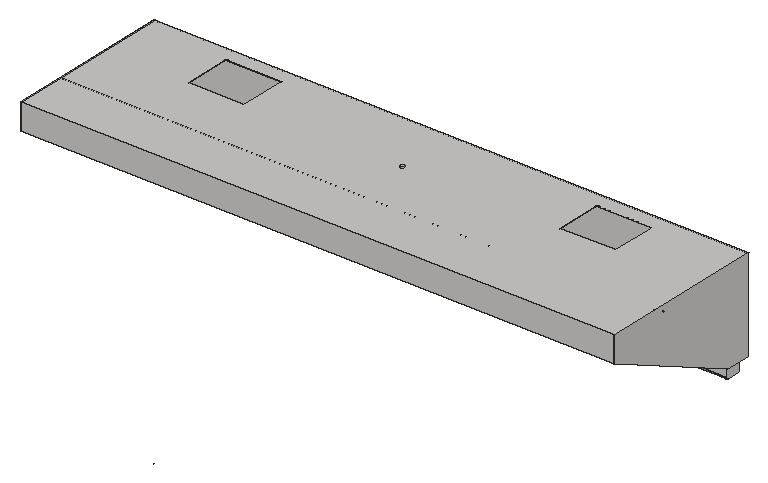
Revit family "QF_ELECTROLUXPROFESSIONAL_644209_AMPV932DT", category Attrezzature speciali, Revit 2021
Family settings
  Quota connettore circolare = Usa diametro
  Tipo di parte = Normale
  Basato su piano di lavoro = No
  Sempre verticale = Sì
  Taglio con vuoti quando caricato = No
  Condiviso = No
  Punto di calcolo locali = No
Parameters (values of type "Standard")
  Weight = 100.00 kg
  Watts = 840 W
  Volts = 220 V
  URL Manufacturer = "https://www.electroluxprofessional.com/"
  URL = "https://www.electroluxprofessional.com/"
  Steam Supply Size = 0 mm
  Steam Supply Minimum Pressure = 0.0 Pa
  Steam Supply Maximum Pressure = 0.0 Pa
  Steam Consumption per Hour = 0
  Refrigeration Suction Line Size = 0 mm
  Refrigeration Liquid Line Size = 0 mm
  Refrigerant Compressor Remote = yes
  Prospetto di default = 0 mm
  Produttore = "Electrolux Professional"
  Phase = 1
  Modello = "AMPV932DT"
  Length Actual = 3200 mm  # constant formula
  Item Number = "644209"
  Hot Water Size = 0 mm
  Height Actual = 500 mm  # constant formula
  HP = "1.1 HP"
  Gas Size = 0 mm
  Gas KW = 0
  Gas Input Pressure = 0 W
  Direct Waste Size = 0 mm
  Descrizione = "304 S/S WALL HOOD+FILTERS+FAN 3200X900MM"
  Depth Actual = 900 mm  # constant formula
  Cycle = 50 Hz
  Condensate Return Size = 0 mm
  Compressed Air Volume = 0.0 L/s
  Compressed Air Size = 0 mm
  Compressed Air Pressure = 0.0 Pa
  Cold Water Size = 0 mm
  Accessory = yes
Reference planes
  plane 1: z = 0
  plane 2 "Center (Left/Right)": x = 150
  plane 3 "LEFT": x = -1450
  plane 4 "RIGHT": x = 1750
  plane 5 "BACK": y = 550
  plane 6 "Plane": z = 2000
  plane 7 "TOP": z = 2140
  plane 8 "Base": z = 1640
  plane 9: z = 1566
  plane 10 "DrainY": y = 485
  plane 11: x = -1447
  plane 12: through (0, 414.509, 1640.8) normal (0, 0.7314, 0.682)
  plane 13: y = 470
  plane 14: y = 220
  plane 15 "DrainX": x = 1630
  plane 16: x = -700
  plane 17: x = 1000
  plane 18: x = -1000
  plane 19: x = 1300
  plane 20: x = 1747
  plane 21: x = 1540
  plane 22: x = 1720
  plane 23: x = -1410
  plane 24: x = -1045
  plane 25: x = -650
  plane 26: x = 1710
  plane 27: x = 1345
  plane 28: x = 950
  plane 29: y = -350
  plane 30 "Center (Front/Back)": y = 100
Forms (mm)
  Extrusion 1, solid, material "QF_Finishes_Stainless Steel"
    sketch origin (-1450, 0, 0) x (0, 1, 0) y (0, 0, 1)
      loop
        line (550, 1640) -> (550, 2140) -> (-350, 2140) -> (-350, 2000) -> (415.255, 1640) -> (550, 1640)
    from 0 to 3
  Extrusion 2, solid, material "QF_Finishes_Stainless Steel"
    sketch origin (150, 0, 0) x (0, 1, 0) y (0, 0, 1)
      loop
        line (415.255, 1640) -> (550, 1640) -> (550, 2139.19) -> (549.2, 2139.19) -> (549.2, 1640.8) -> (415.876, 1640.8) -> (339.347, 1722.867) -> (349.609, 1732.436) -> (348.927, 1733.167) -> (337.934, 1722.917) -> (415.255, 1640)
      loop
        line (-82.203, 2139.19) -> (-82.203, 2118.6) -> (-31.047, 2118.6) -> (34.354, 2048.466) -> (46.028, 2059.352) -> (45.346, 2060.083) -> (34.403, 2049.879) -> (-30.612, 2119.6) -> (-81.203, 2119.6) -> (-81.203, 2139.19) -> (-82.203, 2139.19)
    from -1597 to 1597
  Extrusion 3, solid, material "QF_Finishes_Stainless Steel"
    sketch origin (1750, 0, 0) x (0, 1, 0) y (0, 0, 1)
      loop
        line (550, 1640) -> (550, 2140) -> (-350, 2140) -> (-350, 2000) -> (415.255, 1640) -> (550, 1640)
    from 0 to -3
  Extrusion 4, solid, material "QF_Finishes_Stainless Steel"
    sketch origin (150, 0, 0) x (0, 1, 0) y (0, 0, 1)
      loop
        line (-350, 2140) -> (-350, 2000) -> (-349.2, 2000) -> (-349.2, 2139.19) -> (550, 2139.19) -> (550, 2140) -> (-350, 2140)
    from -1600 to 1600
  Extrusion 5, solid, material "QF_Finishes_Stainless Steel"
    sketch origin (150, 0, 0) x (0, 1, 0) y (0, 0, 1)
      loop
        line (534, 1640) -> (436, 1640) -> (436, 1627) -> (443.5, 1627) -> (443.5, 1576)
        arc (443.5, 1576) -> (446.429, 1568.929) -> (453.5, 1566) r 10
        line (453.5, 1566) -> (516.5, 1566)
        arc (516.5, 1566) -> (523.571, 1568.929) -> (526.5, 1576) r 10
        line (526.5, 1576) -> (526.5, 1627) -> (534, 1627) -> (534, 1640)
    from 1390 to 1570
  Extrusion 6, solid, material "QF_Finishes_Stainless Steel"
    sketch origin (0, 0, 1640) x (0, 1, 0) y (-1, 0, 0)
      loop
        circle (485, -1630) r 20
    from -76 to -74
  Extrusion 7, solid, material "QF_Finished_Chrome"
    sketch origin (150, 0, 0) x (0, 1, 0) y (0, 0, 1)
      loop
        line (337.934, 1722.917) -> (341.591, 1726.327) -> (38.011, 2051.876) -> (34.354, 2048.466) -> (337.934, 1722.917)
    from -1195 to -1560
  Extrusion 8, solid, material "QF_Finished_Chrome"
    sketch origin (150, 0, 0) x (0, 1, 0) y (0, 0, 1)
      loop
        line (337.934, 1722.917) -> (341.591, 1726.327) -> (38.011, 2051.876) -> (34.354, 2048.466) -> (337.934, 1722.917)
    from 800 to -800
  Extrusion 9, solid, material "QF_Finishes_Stainless Steel"
    sketch origin (150, 0, 0) x (0, 1, 0) y (0, 0, 1)
      loop
        line (337.934, 1722.917) -> (341.591, 1726.327) -> (38.011, 2051.876) -> (34.354, 2048.466) -> (337.934, 1722.917)
    from 1597 to 1560
  Extrusion 10, solid, material "QF_Finishes_Stainless Steel"
    sketch origin (150, 0, 0) x (0, 1, 0) y (0, 0, 1)
      loop
        line (341.588, 1726.324) -> (38.009, 2051.874) -> (34.354, 2048.466) -> (337.934, 1722.917) -> (341.588, 1726.324)
    from -1195 to -800
  Extrusion 11, solid, material "QF_Finished_Chrome"
    sketch origin (150, 0, 0) x (0, 1, 0) y (0, 0, 1)
      loop
        line (341.588, 1726.324) -> (38.009, 2051.874) -> (34.354, 2048.466) -> (337.934, 1722.917) -> (341.588, 1726.324)
    from 1195 to 1560
  Extrusion 12, void
    sketch origin (0, 0, 2140) x (0, 1, 0) y (-1, 0, 0)
      loop
        line (470, 1000) -> (220, 1000) -> (220, 700) -> (470, 700) -> (470, 1000)
    from 0 to -10
  Extrusion 13, void
    sketch origin (940, 0, 2140) x (0, 1, 0) y (-1, 0, 0)
      loop
        line (470, -60) -> (220, -60) -> (220, -360) -> (470, -360) -> (470, -60)
    from 0 to -10
  Extrusion 14, solid, material "QF_Finishes_Stainless Steel"
    sketch origin (0, 0, 0) x (1, 0, 0) y (0, 1, 0)
      loop
        line (-1450, 550) -> (-1450, 549) -> (-1449, 549) -> (-1449, 550) -> (-1450, 550)
    from 0 to 1
  Extrusion 15, solid, material "QF_Finishes_Stainless Steel"
    sketch origin (150, 0, 0) x (0, 1, 0) y (0, 0, 1)
      loop
        line (337.934, 1722.917) -> (341.591, 1726.327) -> (38.011, 2051.876) -> (34.354, 2048.466) -> (337.934, 1722.917)
    from -1560 to -1597
  Extrusion 16, solid, material "QF_Finishes_Stainless Steel"
    sketch origin (150, 0, 0) x (0, 1, 0) y (0, 0, -1)
      loop
        line (341.588, -1726.324) -> (337.934, -1722.917) -> (34.354, -2048.466) -> (38.009, -2051.874) -> (341.588, -1726.324)
    from -1195 to -800
  Extrusion 17, solid, material "QF_Finishes_Stainless Steel"
    sketch origin (0, 0, 2140) x (0, 1, 0) y (-1, 0, 0)
      loop
        circle (220, -150) r 10
    from 0 to 1.6
Cuts and joins
  Extrusion 12, Extrusion 13 cuts Extrusion 4
  joined: Extrusion 2, Extrusion 4
Lines and regions (mm)
  reference lines
    curve 1: line (150, 34.354, 2048.466) -> (150, 34.354, 1888.466)
  symbolic lines, style "SpecialityEquipment", detail levels coarse
    curve 2: line (1750, 550, 2140) -> (-1450, 550, 2140)
    curve 3: line (-1450, 550, 2140) -> (-1450, -350, 2140)
    curve 4: line (1750, -350, 2140) -> (1750, 550, 2140)
    curve 5: line (-1450, -350, 2140) -> (1750, -350, 2140)
    curve 6: line (-1000, 220, 2140) -> (-700, 220, 2140)
    curve 7: line (-1000, 470, 2140) -> (-1000, 220, 2140)
    curve 8: line (-700, 470, 2140) -> (-1000, 470, 2140)
    curve 9: line (-700, 220, 2140) -> (-700, 470, 2140)
    curve 10: line (1000, 470, 2140) -> (1000, 220, 2140)
    curve 11: line (1000, 220, 2140) -> (1300, 220, 2140)
    curve 12: line (1300, 470, 2140) -> (1000, 470, 2140)
    curve 13: line (1300, 220, 2140) -> (1300, 470, 2140)
  symbolic lines, detail levels coarse
    curve 14: line (-1450, -350, 0) -> (1750, 550, 0)
    curve 15: line (1750, -350, 0) -> (-1450, 550, 0)
Dimensions and locks
  plane 3 "LEFT" to plane 4 "RIGHT" = 3200 mm
  equal spacing: plane 3 "LEFT", plane 2 "Center (Left/Right)", plane 4 "RIGHT"
  locked: plane 6 "Plane" to level at 2000
  plane 7 "TOP" to plane 6 "Plane" = 140 mm
  locked: plane 7 "TOP" to plane 8 "Base" at 500
  plane 8 "Base" to plane 9 = 74 mm
  plane 5 "BACK" to plane 10 "DrainY" = 65 mm  (x2)
  plane 3 "LEFT" to plane 11 = 3 mm
  plane 5 "BACK" to plane 13 = 80 mm
  plane 13 to plane 14 = 250 mm  (x2)
  plane 15 "DrainX" to plane 4 "RIGHT" = 120 mm
  locked: plane 16 to plane 17 at 1700
  equal spacing: plane 16, plane 2 "Center (Left/Right)", plane 17
  plane 18 to plane 16 = 300 mm
  plane 17 to plane 19 = 300 mm
  plane 20 to plane 4 "RIGHT" = 3 mm
  locked: plane 21 to plane 15 "DrainX" at 90
  locked: plane 15 "DrainX" to plane 22 at 90
  plane 13 to plane 5 "BACK" = 80 mm
  locked: plane 3 "LEFT" to plane 23 at 40
  locked: plane 23 to plane 24 at 365
  locked: plane 24 to plane 25 at 395
  locked: plane 26 to plane 27 at 365
  locked: plane 27 to plane 28 at 395
  locked: plane 26 to plane 4 "RIGHT" at 40
  plane 25 to plane 28 = 1600 mm
  plane 5 "BACK" to plane 29 = 900 mm  (x2)
  equal spacing: plane 5 "BACK", plane 30 "Center (Front/Back)", plane 29
  plane 14 to plane 29 = 570 mm
  aligned and locked: level to plane 1
  aligned and locked: Extrusion 2 to Extrusion 1
  aligned and locked: Extrusion 2 to Extrusion 3
  aligned and locked: plane 4 "RIGHT" to Extrusion 4
  aligned and locked: Extrusion 4 to plane 3 "LEFT"
  aligned and locked: plane 20 to Extrusion 9
  aligned and locked: plane 18 to Extrusion 12
  aligned and locked: Extrusion 12 to plane 16
  aligned and locked: Extrusion 12 to plane 14
  aligned and locked: Extrusion 12 to plane 13
  aligned and locked: Extrusion 13 to plane 19
  aligned and locked: plane 17 to Extrusion 13
  aligned and locked: Extrusion 2 to Extrusion 4
  aligned and locked: plane 22 to Extrusion 5
  aligned and locked: Extrusion 5 to plane 21
  aligned and locked: Extrusion 9 to plane 26
  aligned and locked: Extrusion 11 to plane 26
  aligned and locked: Extrusion 11 to plane 27
  aligned and locked: Extrusion 8 to plane 28
  aligned and locked: Extrusion 8 to plane 25
  aligned and locked: plane 25 to Extrusion 10
  aligned and locked: Extrusion 10 to plane 24
  aligned and locked: plane 24 to Extrusion 7
  aligned and locked: Extrusion 7 to plane 23
  aligned and locked: Extrusion 15 to plane 11
  aligned and locked: plane 23 to Extrusion 15
  aligned and locked: Extrusion 16 to plane 28
  aligned and locked: Extrusion 16 to plane 27
  aligned and locked: Extrusion 3 to plane 20
Automatic sketch dimensions
  curve 5 to plane 3 "LEFT" = 0 mm
  curve 9 to plane 14 = 0 mm
  curve 10 to plane 14 = 0 mm
  plane 13 to curve 8 = 0 mm
  plane 13 to curve 12 = 0 mm
  curve 3 to plane 5 "BACK" = 0 mm
  curve 5 to plane 4 "RIGHT" = 0 mm
  curve 11 to plane 19 = 0 mm
  curve 10 to plane 17 = 0 mm
  curve 6 to plane 16 = 0 mm
  curve 6 to plane 18 = 0 mm
  Extrusion 2 sketch curve to plane 12 = 0 mm  (x3)
  Extrusion 2 sketch curve to plane 8 "Base" = 0 mm
  plane 12 to Extrusion 2 sketch curve = 0 mm
  Extrusion 2 sketch curve to plane 5 "BACK" = 0 mm
  Extrusion 2 sketch curve to Extrusion 2 sketch curve = 65.646 mm
  Extrusion 2 sketch curve to Extrusion 2 sketch curve = 0.682 mm  (x2)
  Extrusion 2 sketch curve to Extrusion 2 sketch curve = 10.261 mm
  plane 8 "Base" to Extrusion 2 sketch curve = 82.917 mm
  Extrusion 2 sketch curve to Extrusion 2 sketch curve = 10.942 mm
  Extrusion 2 sketch curve to Extrusion 2 sketch curve = 0.049 mm
  Extrusion 2 sketch curve to plane 7 "TOP" = 20.4 mm
  Extrusion 2 sketch curve to plane 7 "TOP" = 21.4 mm
  Extrusion 2 sketch curve to plane 7 "TOP" = 0.81 mm  (x2)
  Extrusion 2 sketch curve to Extrusion 2 sketch curve = 50.156 mm
  Extrusion 2 sketch curve to Extrusion 2 sketch curve = 1 mm
  plane 8 "Base" to Extrusion 2 sketch curve = 0.8 mm
  Extrusion 2 sketch curve to plane 5 "BACK" = 0.8 mm
  Extrusion 4 sketch curve to plane 6 "Plane" = 0 mm
  Extrusion 4 sketch curve to plane 5 "BACK" = 0 mm
  Extrusion 4 sketch curve to plane 7 "TOP" = 0 mm
  Extrusion 4 sketch curve to plane 7 "TOP" = 0.81 mm
  curve 1 to plane 12 = 0 mm
  curve 1 to plane 6 "Plane" = 111.534 mm
  Extrusion 5 sketch curve to plane 8 "Base" = 0 mm
  Extrusion 5 sketch curve to plane 9 = 0 mm
  Extrusion 5 sketch curve to plane 8 "Base" = 13 mm  (x2)
  plane 13 to Extrusion 5 sketch curve = 34 mm
  Extrusion 5 sketch curve to Extrusion 5 sketch curve = 7.5 mm  (x2)
  Extrusion 5 sketch curve to Extrusion 5 sketch curve = 10 mm
  plane 10 "DrainY" to Extrusion 5 sketch curve = 31.5 mm
  Extrusion 5 sketch curve to plane 5 "BACK" = 23.5 mm
  Extrusion 6 sketch curve to plane 10 "DrainY" = 0 mm
  Extrusion 6 sketch curve to plane 15 "DrainX" = 0 mm
  Extrusion 7 sketch curve to plane 12 = 0 mm  (x2)
  Extrusion 7 sketch curve to Extrusion 7 sketch curve = 3.657 mm
  plane 8 "Base" to Extrusion 7 sketch curve = 82.917 mm
  Extrusion 8 sketch curve to plane 12 = 0 mm  (x2)
  Extrusion 8 sketch curve to Extrusion 8 sketch curve = 3.657 mm
  plane 8 "Base" to Extrusion 8 sketch curve = 82.917 mm
  Extrusion 9 sketch curve to plane 12 = 0 mm  (x2)
  Extrusion 9 sketch curve to Extrusion 9 sketch curve = 3.657 mm
  plane 8 "Base" to Extrusion 9 sketch curve = 82.917 mm
  Extrusion 10 sketch curve to plane 12 = 0 mm  (x2)
  Extrusion 10 sketch curve to Extrusion 10 sketch curve = 3.655 mm
  plane 8 "Base" to Extrusion 10 sketch curve = 82.917 mm
  Extrusion 11 sketch curve to plane 12 = 0 mm  (x2)
  Extrusion 11 sketch curve to Extrusion 11 sketch curve = 3.655 mm
  plane 8 "Base" to Extrusion 11 sketch curve = 82.917 mm
  Extrusion 12 sketch curve to plane 14 = 0 mm
  plane 13 to Extrusion 12 sketch curve = 0 mm
  Extrusion 12 sketch curve to plane 16 = 0 mm
  Extrusion 12 sketch curve to plane 18 = 0 mm
  Extrusion 13 sketch curve to plane 14 = 0 mm
  plane 13 to Extrusion 13 sketch curve = 0 mm
  Extrusion 13 sketch curve to plane 19 = 0 mm
  Extrusion 13 sketch curve to plane 17 = 0 mm
  Extrusion 14 sketch curve to plane 3 "LEFT" = 0 mm
  Extrusion 14 sketch curve to plane 5 "BACK" = 0 mm
  plane 3 "LEFT" to Extrusion 14 sketch curve = 1 mm
  Extrusion 14 sketch curve to plane 5 "BACK" = 1 mm
  Extrusion 15 sketch curve to plane 12 = 0 mm  (x2)
  Extrusion 15 sketch curve to Extrusion 15 sketch curve = 3.657 mm
  plane 8 "Base" to Extrusion 15 sketch curve = 82.917 mm
  Extrusion 16 sketch curve to plane 12 = 0 mm  (x2)
  Extrusion 16 sketch curve to Extrusion 16 sketch curve = 3.655 mm
  plane 8 "Base" to Extrusion 16 sketch curve = 82.917 mm
  Extrusion 4 sketch curve to Extrusion 4 sketch curve = 0.8 mm
  curve 5 to plane 29 = 0 mm
  plane 6 "Plane" to Extrusion 2 sketch curve = 48.466 mm
  plane 29 to Extrusion 4 sketch curve = 0.8 mm
  curve 1 to plane 14 = 185.646 mm
  plane 6 "Plane" to Extrusion 7 sketch curve = 51.876 mm
  plane 6 "Plane" to Extrusion 8 sketch curve = 51.876 mm
  plane 6 "Plane" to Extrusion 9 sketch curve = 51.876 mm
  plane 6 "Plane" to Extrusion 10 sketch curve = 51.874 mm
  plane 6 "Plane" to Extrusion 11 sketch curve = 51.874 mm
  plane 6 "Plane" to Extrusion 15 sketch curve = 51.876 mm
  plane 6 "Plane" to Extrusion 16 sketch curve = 51.874 mm
  Extrusion 3 sketch curve to plane 5 "BACK" = 0 mm
  Extrusion 3 sketch curve to plane 7 "TOP" = 0 mm
  Extrusion 3 sketch curve to plane 6 "Plane" = 0 mm
  Extrusion 1 sketch curve to plane 8 "Base" = 0 mm
  plane 12 to Extrusion 1 sketch curve = 0 mm
  Extrusion 1 sketch curve to plane 5 "BACK" = 0 mm
  Extrusion 1 sketch curve to plane 7 "TOP" = 0 mm
  Extrusion 1 sketch curve to plane 29 = 0 mm
  Extrusion 1 sketch curve to plane 6 "Plane" = 0 mm
  Extrusion 3 sketch curve to plane 29 = 0 mm
  Extrusion 3 sketch curve to plane 8 "Base" = 0 mm
  plane 12 to Extrusion 3 sketch curve = 0 mm
  curve 15 to plane 3 "LEFT" = 0 mm
  curve 14 to plane 3 "LEFT" = 0 mm
  curve 15 to plane 4 "RIGHT" = 0 mm
  curve 14 to plane 4 "RIGHT" = 0 mm
  curve 15 to plane 29 = 0 mm
  curve 14 to plane 29 = 0 mm
  curve 15 to plane 5 "BACK" = 0 mm
  curve 14 to plane 5 "BACK" = 0 mm
  Extrusion 17 sketch curve to plane 2 "Center (Left/Right)" = 0 mm
  Extrusion 17 sketch curve to plane 14 = 0 mm
  radius of Extrusion 6 sketch curve = 20 mm
  radius of Extrusion 17 sketch curve = 10 mm
Connectors
  piping at (1630, 485, 1564), diameter 20
    settings: on Extrusion 6, index 1, connector inside diameter 609.6 mm, connector length 0 mm, flow factor 0, pipe flow 0.0 L/s, pressure drop 0.0 Pa, fitting loss kfactor 0, connector angle 0.00°, fixture units 0, engagement length 0 mm, angle of deflection 0.00°, flow configuration 1, flow direction 2, fitting loss method 0, system type 16, joint type 0, gender type 0, connector reference index -1, connector utility 0, adjustable connector no, is connector primary yes, connector description "Drain"
  hvac at (-850, 345, 2140)
    settings: on Extrusion 12, index 2, duct flow 0.0 L/s, flow factor 0, pres drop 0.0 Pa, loss coef 0, conn angle 0.00°, conn width 250 mm, conn height 300 mm, conn diameter 609.6 mm, duct sys type 3, conn prof type 1, flow config 1, flow direction 2, loss method 0, conn ref index -1, conn util no, is conn primary yes, conn desc "EXHAUST OUTLET"
  hvac at (1150, 345, 2140)
    settings: on Extrusion 13, index 3, duct flow 0.0 L/s, flow factor 0, pres drop 0.0 Pa, loss coef 0, conn angle 0.00°, conn width 250 mm, conn height 300 mm, conn diameter 609.6 mm, duct sys type 3, conn prof type 1, flow config 1, flow direction 2, loss method 0, conn ref index -1, conn util no, is conn primary no, conn desc "EXHAUST OUTLET"
  electrical at (150, 220, 2140), driven by "Volts"
    settings: on Extrusion 17, index 4, voltage 220 V, apparent load 0 VA, apparent load phase1 0 VA, apparent load phase2 0 VA, apparent load phase3 0 VA, power factor 1, load classification "Other", number of poles 1, system type 30, power factor state 1, is connector primary yes, connector utility no, sub classification motor no, connector description "Electrical Connection"
